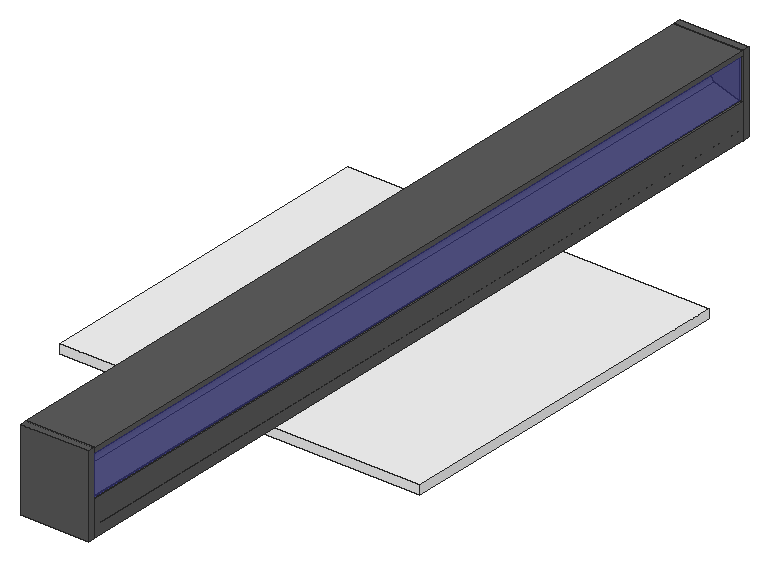
Revit family "BE_50801.5_de_DE", category Leuchten, Revit 2020
Family settings
  Basisbauteil = Fläche
  Bemaßung runder Anschluss = Durchmesser verwenden
  Teiletyp = Normal
  Beim Laden mit Abzugskörper schneiden = Ja
  Lichtquelle = Ja
  Gemeinsam genutzt = Nein
  Raumberechnungspunkt = Ja
Parameters (values of type "BEGA_50801.5_K3")
  built-in parameter 1150104 = 13.783 (stored number, unit not read)
  Wattage = 35.4 W
  Default Elevation = 0 mm
  built-in parameter 1150113 = 1 (stored number, unit not read)
  built-in parameter 1114218 = 1 (stored number, unit not read)
  Umgebungstemperatur = "25 °C"
  URL = "https://www.bega.com/de/produkt/50801.5"
  Typenkommentare = "© 2023 BEGA. Wir behalten uns das Recht vor, technische Änderungen ohne vorherige Ankündigung vorzunehmen."  # constant formula
  built-in parameter 1150134 = (empty or 0)
  built-in parameter 1150109 = 1 (stored number, unit not read)
  Strom = ""
  built-in parameter 1150110 = 1 (stored number, unit not read)
  Spannung = 239.996 V
  Sonderanfertigung = no
  Seriennummer [instance] = "Hier können Sie die eindeutige Seriennummer für das Facility Management eintragen."
  Schutzklasse = "I"
  Schutzart = "IP 20"
  Scheinlast = 0 VA
  Produktdatenblatt = "https://cdn.bega.com/bega/products/50801.5K3/current/documents/data-sheets/de"
  Oberflächentemperatur = ""
  Neigungswinkel = 0.00°
  Modell = "50801.5K3"
  Material_35 = BEGA_Oberfläche_Samtschwarz_matt
  Material_14 = BEGA_Kunststoff_opal
  M_W = no
  M_G = no
  M_A = no
  Logo = 0
  built-in parameter 1114217 = 1 (stored number, unit not read)
  built-in parameter 1150139 = (empty or 0)
  built-in parameter 1150105 = 417.94 (stored number, unit not read)
  built-in parameter 1150114 = 1 (stored number, unit not read)
  Lumens = 5251.94 lm
  built-in parameter 1150115 = 1 (stored number, unit not read)
  Leuchtenlichtstrom = "4305 lm"
  Leuchtenanzahl = ""
  Lebensdauerkriterien = "L70B50 @ 25 °C = 160000 h"
  Lastklassifizierung = Beleuchtung
  built-in parameter 1150112 = 1 (stored number, unit not read)
  Lampenlichtstrom = "5250 lm"
  Lampe = "LED 35.4 W"
  LED_Modulbezeichnung = "6x LED-1050/930"
  Hersteller = "BEGA"  # constant formula
  Halbstreuwinkel = ""
  Gewicht = "5.6 kg"
  Gebrauchslageneinschränkung [instance] = ""
  Frequenz = "0/50-60 Hz"
  Farbwiedergabeindex = "CRI > 90"
  Farbtemperaturverschiebung bei Dämpfen der Lampe = <Keine Auswahl>
  Farbtemperatur = "3000 K"
  Color Filter = 16777215
  built-in parameter 1150133 = 10 (stored number, unit not read)
  Energieeffizienzklasse = "LED A++ - A"
  built-in parameter 1150137 = (empty or 0)
  built-in parameter 1150132 = (empty or 0)
  ENEC = "ja"
  Dimmbar [instance] = "DALI"
  Datei für fotometrisches Netz = "BE_50801.5K3.IES"
  CE_Konformität = "ja"
  Bestellnummer = "50801.5K3"
  Beschreibung_Sonderanfertigung = "Hier können Sie Informationen zur Sonderanfertigung eintragen."
  Beschreibung = "Wandleuchte"
  built-in parameter 1150106 = 4.1794 (stored number, unit not read)
  Befestigungsbohrung = "Ø 5,5 mm"
  Befestigungsabstand = "860 mm"
  Ballwurfsicher = ""
  BEGA_Intern_aus = yes
  BEGA_Intern_an = yes
  BEGA_Intern_Konstruktion = yes
  BEGA_Intern = yes
  BEGA_IES = yes
  BEGA_Dummy = no
  Anschlussleitung = ""
  Anschlussleistung [instance] = "39 W"
  Anschlusskasten = ""
  built-in parameter 1150107 = 3000 (stored number, unit not read)
  built-in parameter 1150102 = (empty or 0)
  built-in parameter 1150138 = (empty or 0)
  Aktualisierung = "2023-04-18T04:00:04"
  Abstand_zur_angestrahlten_Fläche [instance] = ""
  AC/DC = "AC/DC"
Reference planes
  plane 1 "Mitte (Vorne/Hinten)": y = 0
  plane 2: z = 0
  plane 3 "Mitte (Links/Rechts)": x = 0
  plane 4 "Links": x = -38
  plane 5 "Rechts": x = 38
  plane 6 "Unten": y = -457.856
  plane 7 "Oben": y = 458.144
  plane 8 "Vorne": z = 90
  plane 9 "Hinten": z = 0
Forms (mm)
  Extrusion 1, solid, material "BEGA_Platte_Weiss"
    sketch origin (0, -1119.2, 0) x (1, 0, 0) y (0, 1, 0)
      loop
        line (-200, 1319.2) -> (-200, 919.2) -> (200, 919.2) -> (200, 1319.2) -> (-200, 1319.2)
    from 0 to -10
  Extrusion 2, solid, material "BEGA_Dummy_matt", visible <- "BEGA_Dummy"
    sketch origin (80.095, -76.023, 0) x (1, 0, 0) y (0, 1, 0)
      loop
        line (-118.095, 534.167) -> (-118.095, -381.833) -> (-42.095, -381.833) -> (-42.095, 534.167) -> (-118.095, 534.167)
    from 0 to 90
Dimensions and locks
  plane 1 "Mitte (Vorne/Hinten)" to Extrusion 1 = 200 mm
  aligned and locked: Extrusion 1 to plane 2
  aligned and locked: Extrusion 1 to level
  aligned and locked: Extrusion 2 to nested 1
Nested families
  nested 1: "BE_50801.5_Leuchte" at (0, 0, 0), type "BE_50801.5_Leuchte"
Connectors
  electrical at (0, 0, 0), driven by "Lastklassifizierung", driven by "Spannung", driven by "Scheinlast"
    settings: index 1, voltage 239.996 V, apparent load 0 VA, apparent load phase1 0 VA, apparent load phase2 0 VA, apparent load phase3 0 VA, power factor 1, load classification "Beleuchtung", number of poles 1, system type 31, power factor state 1, is connector primary yes, connector utility no, sub classification motor no, connector description ""
Definition of nested family "BE_50801.5_Leuchte"
  Parameters (values of type "BE_50801.5_Leuchte")
    Default Elevation = 1 mm
    URL = "http://www.bega.de/de/produkt"
    Type Comments = "© 2015 BEGA. Wir behalten uns das Recht vor, technische Änderungen ohne vorherige Ankündigung vorzunehmen. "  # constant formula
    Type Image = (empty or 0)
    Material_35 = none
    Material_14 = none
    Länge_Platte = 200 mm  # constant formula
    Höhe_Platte = -10 mm  # constant formula
    Manufacturer = "BEGA"  # constant formula
    Breite_Platte = 200 mm  # constant formula
  Reference planes
    plane 1 "Mitte (Oben/Unten)": y = 0
    plane 2: z = 0
    plane 3 "Mitte (Links/Rechts)": x = 0
    plane 4: y = 458.144
    plane 5: x = 38
    plane 6: y = -457.856
    plane 7: x = -38
    plane 8: z = 90
  Forms (mm)
    Extrusion 1, solid, detail levels medium
      sketch origin (0, 0, 0) x (1, 0, 0) y (0, 1, 0)
        loop
          line (-100, 100) -> (-100, -100) -> (100, -100) -> (100, 100) -> (-100, 100)
      from 0 to -10 <- "Höhe_Platte"
    Extrusion 2, solid, material <- "Material_35"
      sketch origin (0, 0, 0) x (1, 0, 0) y (0, 0, 1)
        loop
          line (26, 0) -> (34, 0) -> (34, 2.5) -> (30.5, 2.5) -> (30.5, 5.902) -> (33.2, 7.461)
          arc (33.2, 7.461) -> (33.8, 8.5) -> (33.2, 9.539) r 1.2
          line (33.2, 9.539) -> (32.472, 9.96) -> (28, 10)
          arc (28, 10) -> (27.646, 9.854) -> (27.5, 9.5) r 0.5
          line (27.5, 9.5) -> (27.5, 8) -> (-24, 8) -> (-24, 9.5)
          arc (-24, 9.5) -> (-24.146, 9.854) -> (-24.5, 10) r 0.5
          line (-24.5, 10) -> (-27.252, 10) -> (-28.075, 8.575) -> (-26, 6.5) -> (-26, 4.5) -> (-28, 2.5) -> (-33, 2.5) -> (-33, 0) -> (-25, 0) -> (-22.402, 4.5) -> (23.402, 4.5) -> (26, 0)
      from -450.144 to 449.856
    Extrusion 3, solid, material <- "Material_35"
      sketch origin (0, 0, 0) x (1, 0, 0) y (0, 0, 1)
        loop
          line (6.609, 47.762) -> (34.4, 39) -> (34.4, 37.196) -> (36, 37.231) -> (36, 39) -> (38, 39) -> (38, 0.5) -> (35, 0.5) -> (35, 2.5) -> (31.5, 2.5) -> (31.5, 6.568) -> (34.5, 8.3) -> (34.5, 10.8) -> (31.5, 12.532) -> (31.5, 34.7) -> (21.034, 38) -> (-21.034, 38) -> (-31.5, 34.7) -> (-31.5, 2.5) -> (-35, 2.5) -> (-35, 0.509) -> (-38, 0.499) -> (-38, 39) -> (-36, 39) -> (-36, 37.23) -> (-34.4, 37.196) -> (-34.4, 39) -> (-32.888, 39.477) -> (-6.481, 47.803)
          arc (-6.481, 47.803) -> (-3.963, 49.616) -> (-3, 52.567) r 5
          line (-3, 52.567) -> (-3, 84.133) -> (-8.5, 83.995) -> (-8.5, 78.89)
          arc (-8.5, 78.89) -> (-8.713, 78.48) -> (-9.171, 78.42) r 0.5
          line (-9.171, 78.42) -> (-27.25, 85) -> (-34.4, 85) -> (-34.4, 86.804) -> (-35.888, 86.771) -> (-36.012, 85.026) -> (-38, 84.997) -> (-38, 90) -> (38, 90) -> (38, 85) -> (36.014, 85) -> (35.888, 86.771) -> (34.4, 86.805) -> (34.4, 85) -> (27.25, 85) -> (9.171, 78.42)
          arc (9.171, 78.42) -> (8.713, 78.48) -> (8.5, 78.89) r 0.5
          line (8.5, 78.89) -> (8.5, 84) -> (3, 84.007) -> (3, 70.92) -> (3, 52.567)
          arc (3, 52.567) -> (3.968, 49.61) -> (6.497, 47.798) r 5
      from -450.144 to 449.856
    Extrusion 4, solid, material <- "Material_14"
      sketch origin (0, 0, 0) x (1, 0, 0) y (0, 0, 1)
        loop
          line (34.5, 86.55) -> (34.5, 37.75) -> (36, 37.75) -> (36, 39.3) -> (37.491, 39.3) -> (37.5, 85) -> (36, 85) -> (36, 86.55) -> (34.5, 86.55)
        loop
          line (-34.5, 86.55) -> (-36, 86.55) -> (-36, 85) -> (-37.5, 85) -> (-37.5, 39.3) -> (-36, 39.3) -> (-36, 37.75) -> (-34.5, 37.75) -> (-34.5, 86.55)
      from -450.144 to 449.856
    Extrusion 5, solid, material <- "Material_35"
      sketch origin (0, 0, 0) x (1, 0, 0) y (0, 1, 0)
        loop
          line (-37.994, -450.726) -> (-37.869, -457.856) -> (37.869, -457.856) -> (37.994, -450.726) -> (37.172, -450.726) -> (37.172, -449.856) -> (-0.439, -449.856) -> (-37.172, -449.856) -> (-37.172, -450.726) -> (-37.994, -450.726)
      from 0 to 90
    Extrusion 6, solid, material <- "Material_35"
      sketch origin (0, 0, 0) x (1, 0, 0) y (0, 1, 0)
        loop
          line (-37.869, 458.144) -> (-37.993, 451.065) -> (-37.124, 451.065) -> (-37.124, 450.144) -> (-0.419, 450.144) -> (37.124, 450.144) -> (37.124, 451.065) -> (37.993, 451.065) -> (37.869, 458.144) -> (-37.869, 458.144)
      from 0 to 90
    Extrusion 7, void
      sketch origin (0, 0, 0) x (1, 0, 0) y (0, 1, 0)
        loop
          arc (8, -427.106) -> (5.25, -429.856) -> (8, -432.606) r 2.75
          line (8, -432.606) -> (13, -432.606)
          arc (13, -432.606) -> (15.75, -429.856) -> (13, -427.106) r 2.75
          line (13, -427.106) -> (8, -427.106)
        loop
          arc (7.5, 116.144) -> (13.157, 118.487) -> (15.5, 124.144) r 8
          line (15.5, 124.144) -> (15.5, 258.144)
          arc (15.5, 258.144) -> (13.157, 263.801) -> (7.5, 266.144) r 8
          line (7.5, 266.144) -> (-6.5, 266.144)
          arc (-6.5, 266.144) -> (-12.157, 263.801) -> (-14.5, 258.144) r 8
          line (-14.5, 258.144) -> (-14.5, 124.144)
          arc (-14.5, 124.144) -> (-12.157, 118.487) -> (-6.5, 116.144) r 8
          line (-6.5, 116.144) -> (7.5, 116.144)
        loop
          arc (7.75, 427.644) -> (10.5, 424.894) -> (13.25, 427.644) r 2.75
          line (13.25, 427.644) -> (13.25, 432.644)
          arc (13.25, 432.644) -> (10.5, 435.394) -> (7.75, 432.644) r 2.75
          line (7.75, 432.644) -> (7.75, 427.644)
      from 4.5 to 8
  Cuts and joins
    Extrusion 7 cuts Extrusion 2
    Extrusion 7 cuts Extrusion 3
  Dimensions and locks
    equal spacing: Extrusion 1 sketch curve, plane 3 "Mitte (Links/Rechts)", Extrusion 1 sketch curve
    equal spacing: Extrusion 1 sketch curve, plane 1 "Mitte (Oben/Unten)", Extrusion 1 sketch curve
    "Länge_Platte": Extrusion 1 sketch curve to Extrusion 1 sketch curve
    "Breite_Platte": Extrusion 1 sketch curve to Extrusion 1 sketch curve
    plane 1 "Mitte (Oben/Unten)" to Extrusion 1 = 100 mm  (x3)
    aligned and locked: Extrusion 1 to plane 2
    aligned and locked: Extrusion 1 to level
    aligned and locked: Extrusion 3 to Extrusion 2  (x2)
    aligned and locked: Extrusion 4 to Extrusion 2  (x2)
    aligned and locked: Extrusion 3 to Extrusion 6
    aligned and locked: Extrusion 5 to Extrusion 3
    aligned and locked: Extrusion 2 to Extrusion 7
  Automatic sketch dimensions
    plane 3 "Mitte (Links/Rechts)" to Extrusion 2 sketch curve = 23.402 mm
    Extrusion 2 sketch curve to Extrusion 2 sketch curve = 2.598 mm
    Extrusion 2 sketch curve to Extrusion 2 sketch curve = 8 mm
    level to Extrusion 2 sketch curve = 9.96 mm
    Extrusion 2 sketch curve to Extrusion 2 sketch curve = 0.128 mm
    Extrusion 2 sketch curve to Extrusion 2 sketch curve = 1.46 mm
    Extrusion 2 sketch curve to Extrusion 2 sketch curve = 4.472 mm
    Extrusion 2 sketch curve to Extrusion 2 sketch curve = 2.1 mm
    level to Extrusion 2 sketch curve = 5.902 mm
    Extrusion 2 sketch curve to Extrusion 2 sketch curve = 0.728 mm
    Extrusion 2 sketch curve to Extrusion 2 sketch curve = 0.6 mm
    level to Extrusion 2 sketch curve = 9.539 mm
    Extrusion 2 sketch curve to Extrusion 2 sketch curve = 0 mm  (x3)
    level to Extrusion 2 sketch curve = 7.461 mm
    Extrusion 2 sketch curve to Extrusion 2 sketch curve = 3.5 mm
    Extrusion 2 sketch curve to Extrusion 2 sketch curve = 2.5 mm  (x2)
    Extrusion 2 sketch curve to Extrusion 2 sketch curve = 0.5 mm  (x2)
    Extrusion 2 sketch curve to Extrusion 2 sketch curve = 1.5 mm  (x2)
    level to Extrusion 2 sketch curve = 9.5 mm
    Extrusion 2 sketch curve to plane 3 "Mitte (Links/Rechts)" = 24.5 mm
    Extrusion 2 sketch curve to Extrusion 2 sketch curve = 2.752 mm
    Extrusion 2 sketch curve to Extrusion 2 sketch curve = 5.748 mm
    Extrusion 2 sketch curve to Extrusion 2 sketch curve = 5 mm
    Extrusion 2 sketch curve to Extrusion 2 sketch curve = 0.823 mm
    level to Extrusion 2 sketch curve = 8.575 mm
    level to Extrusion 2 sketch curve = 4.5 mm  (x2)
    Extrusion 2 sketch curve to Extrusion 2 sketch curve = 2 mm
    level to Extrusion 2 sketch curve = 6.5 mm
    level to Extrusion 2 sketch curve = 0 mm
    Extrusion 2 sketch curve to Extrusion 2 sketch curve = 3 mm
    Extrusion 2 sketch curve to Extrusion 2 sketch curve = 3.598 mm
    Extrusion 2 sketch curve to level = 0 mm
    level to Extrusion 3 sketch curve = 0.5 mm
    Extrusion 3 sketch curve to Extrusion 3 sketch curve = 3 mm  (x4)
    plane 3 "Mitte (Links/Rechts)" to Extrusion 3 sketch curve = 8 mm
    Extrusion 3 sketch curve to Extrusion 3 sketch curve = 0.5 mm  (x3)
    level to Extrusion 3 sketch curve = 8.3 mm
    level to Extrusion 3 sketch curve = 10.8 mm
    level to Extrusion 3 sketch curve = 6.568 mm
    level to Extrusion 3 sketch curve = 12.532 mm
    Extrusion 3 sketch curve to Extrusion 3 sketch curve = 1.6 mm  (x2)
    Extrusion 3 sketch curve to Extrusion 3 sketch curve = 2 mm  (x2)
    Extrusion 3 sketch curve to Extrusion 3 sketch curve = 22.168 mm
    Extrusion 3 sketch curve to Extrusion 3 sketch curve = 0.035 mm  (x2)
    Extrusion 3 sketch curve to Extrusion 3 sketch curve = 1.769 mm
    Extrusion 3 sketch curve to Extrusion 3 sketch curve = 1.804 mm  (x2)
    Extrusion 3 sketch curve to Extrusion 3 sketch curve = 8.762 mm
    Extrusion 3 sketch curve to Extrusion 3 sketch curve = 18.353 mm
    Extrusion 3 sketch curve to Extrusion 3 sketch curve = 7.97 mm
    Extrusion 3 sketch curve to Extrusion 3 sketch curve = 5.5 mm  (x2)
    Extrusion 3 sketch curve to Extrusion 3 sketch curve = 0.171 mm  (x2)
    Extrusion 3 sketch curve to Extrusion 3 sketch curve = 0 mm  (x8)
    Extrusion 3 sketch curve to Extrusion 3 sketch curve = 18.75 mm  (x2)
    Extrusion 3 sketch curve to Extrusion 3 sketch curve = 6.58 mm
    Extrusion 3 sketch curve to Extrusion 3 sketch curve = 5.11 mm
    Extrusion 3 sketch curve to Extrusion 3 sketch curve = 0.007 mm
    Extrusion 3 sketch curve to Extrusion 3 sketch curve = 5.117 mm
    Extrusion 3 sketch curve to Extrusion 3 sketch curve = 7.15 mm  (x2)
    Extrusion 3 sketch curve to Extrusion 3 sketch curve = 1.986 mm
    Extrusion 3 sketch curve to Extrusion 3 sketch curve = 5.105 mm
    Extrusion 3 sketch curve to Extrusion 3 sketch curve = 0.003 mm
    Extrusion 3 sketch curve to Extrusion 3 sketch curve = 5.003 mm
    Extrusion 3 sketch curve to plane 3 "Mitte (Links/Rechts)" = 8 mm
    Extrusion 3 sketch curve to plane 3 "Mitte (Links/Rechts)" = 3 mm
    Extrusion 3 sketch curve to Extrusion 3 sketch curve = 1.519 mm
    Extrusion 3 sketch curve to Extrusion 3 sketch curve = 0.138 mm
    Extrusion 3 sketch curve to plane 3 "Mitte (Links/Rechts)" = 38 mm
    level to Extrusion 3 sketch curve = 0.499 mm
    level to Extrusion 3 sketch curve = 0.509 mm
    Extrusion 3 sketch curve to Extrusion 3 sketch curve = 2.281 mm
    Extrusion 3 sketch curve to Extrusion 3 sketch curve = 1.77 mm
    Extrusion 3 sketch curve to Extrusion 3 sketch curve = 2.9 mm  (x2)
    Extrusion 3 sketch curve to Extrusion 3 sketch curve = 11.854 mm
    Extrusion 3 sketch curve to plane 3 "Mitte (Links/Rechts)" = 21.034 mm
    Extrusion 3 sketch curve to Extrusion 3 sketch curve = 1.991 mm
    Extrusion 3 sketch curve to Extrusion 3 sketch curve = 2.496 mm  (x2)
    Extrusion 3 sketch curve to Extrusion 3 sketch curve = 1.477 mm
    plane 3 "Mitte (Links/Rechts)" to Extrusion 3 sketch curve = 3 mm
    Extrusion 3 sketch curve to Extrusion 3 sketch curve = 0.113 mm
    Extrusion 3 sketch curve to Extrusion 3 sketch curve = 5 mm
    Extrusion 3 sketch curve to Extrusion 3 sketch curve = 1.614 mm
    Extrusion 3 sketch curve to Extrusion 3 sketch curve = 1.488 mm  (x2)
    Extrusion 3 sketch curve to Extrusion 3 sketch curve = 1.771 mm
    Extrusion 3 sketch curve to Extrusion 3 sketch curve = 1.805 mm
    Extrusion 3 sketch curve to Extrusion 3 sketch curve = 1.988 mm
    Extrusion 3 sketch curve to Extrusion 3 sketch curve = 0.125 mm
    Extrusion 3 sketch curve to Extrusion 3 sketch curve = 0.029 mm
    Extrusion 3 sketch curve to Extrusion 3 sketch curve = 1.745 mm
    Extrusion 3 sketch curve to Extrusion 3 sketch curve = 0.033 mm
    Extrusion 3 sketch curve to Extrusion 3 sketch curve = 1.391 mm
    Extrusion 3 sketch curve to Extrusion 3 sketch curve = 10.466 mm
    Extrusion 3 sketch curve to Extrusion 3 sketch curve = 32.2 mm
    Extrusion 3 sketch curve to Extrusion 3 sketch curve = 0.041 mm
    Extrusion 3 sketch curve to Extrusion 3 sketch curve = 14.425 mm
    plane 3 "Mitte (Links/Rechts)" to Extrusion 4 sketch curve = 34.5 mm
    level to Extrusion 4 sketch curve = 86.55 mm
    Extrusion 4 sketch curve to Extrusion 4 sketch curve = 1.5 mm  (x6)
    level to Extrusion 4 sketch curve = 37.75 mm  (x2)
    Extrusion 4 sketch curve to Extrusion 4 sketch curve = 2.991 mm
    Extrusion 4 sketch curve to Extrusion 4 sketch curve = 1.55 mm  (x4)
    Extrusion 4 sketch curve to plane 3 "Mitte (Links/Rechts)" = 34.5 mm
    Extrusion 4 sketch curve to Extrusion 4 sketch curve = 0 mm
    Extrusion 5 sketch curve to plane 3 "Mitte (Links/Rechts)" = 37.994 mm
    Extrusion 5 sketch curve to Extrusion 5 sketch curve = 0.124 mm  (x2)
    Extrusion 5 sketch curve to Extrusion 5 sketch curve = 0.822 mm  (x2)
    plane 3 "Mitte (Links/Rechts)" to Extrusion 5 sketch curve = 37.869 mm
    plane 1 "Mitte (Oben/Unten)" to Extrusion 5 sketch curve = 457.856 mm
    Extrusion 5 sketch curve to Extrusion 5 sketch curve = 7.131 mm
    Extrusion 5 sketch curve to Extrusion 5 sketch curve = 0 mm
    Extrusion 5 sketch curve to Extrusion 5 sketch curve = 0.869 mm
    Extrusion 5 sketch curve to Extrusion 5 sketch curve = 36.733 mm
    Extrusion 6 sketch curve to plane 3 "Mitte (Links/Rechts)" = 37.993 mm
    Extrusion 6 sketch curve to Extrusion 6 sketch curve = 0.124 mm
    Extrusion 6 sketch curve to Extrusion 6 sketch curve = 0.868 mm  (x2)
    plane 3 "Mitte (Links/Rechts)" to Extrusion 6 sketch curve = 37.869 mm
    Extrusion 6 sketch curve to plane 1 "Mitte (Oben/Unten)" = 450.144 mm
    Extrusion 6 sketch curve to Extrusion 6 sketch curve = 0.921 mm  (x2)
    Extrusion 6 sketch curve to Extrusion 6 sketch curve = 7.079 mm
    Extrusion 6 sketch curve to Extrusion 6 sketch curve = 36.705 mm
    Extrusion 6 sketch curve to Extrusion 6 sketch curve = 37.543 mm
    plane 3 "Mitte (Links/Rechts)" to Extrusion 7 sketch curve = 8 mm
    plane 1 "Mitte (Oben/Unten)" to Extrusion 7 sketch curve = 429.856 mm
    Extrusion 7 sketch curve to Extrusion 7 sketch curve = 2.75 mm  (x2)
    Extrusion 7 sketch curve to Extrusion 7 sketch curve = 5 mm  (x2)
    plane 3 "Mitte (Links/Rechts)" to Extrusion 7 sketch curve = 7.5 mm  (x2)
    Extrusion 7 sketch curve to plane 1 "Mitte (Oben/Unten)" = 116.144 mm
    Extrusion 7 sketch curve to Extrusion 7 sketch curve = 8 mm
    Extrusion 7 sketch curve to plane 3 "Mitte (Links/Rechts)" = 6.5 mm  (x2)
    Extrusion 7 sketch curve to Extrusion 7 sketch curve = 134 mm
    Extrusion 7 sketch curve to Extrusion 7 sketch curve = 0 mm  (x3)
    plane 3 "Mitte (Links/Rechts)" to Extrusion 7 sketch curve = 10.5 mm
    Extrusion 7 sketch curve to Extrusion 7 sketch curve = 161.5 mm
